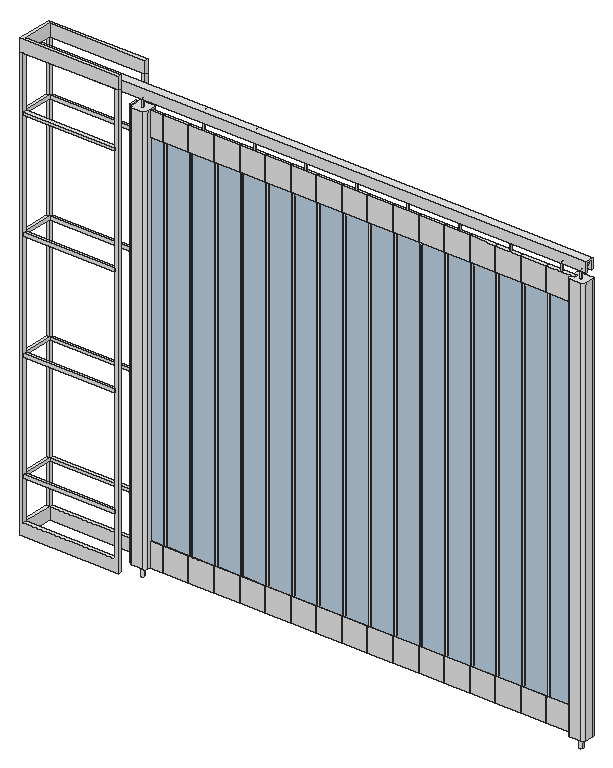
Revit family "Side_Folding_Door_9200-CHI-EZ_Prestige", category Specialty Equipment, Revit 2026
Family settings
  Round Connector Dimension = Use Diameter
  Part Type = Normal
  Classification Number = 23.30.10.21
  Work Plane-Based = No
  Enable Cutting in Views = No
  Always vertical = Yes
  Cut with Voids When Loaded = No
  Maintain Annotation Orientation = No
  Shared = No
  Room Calculation Point = No
Parameters (values of type "EZ - Prestige")
  Warranty URL = ""
  Version = "2021-v1.a"  # constant formula
  URL = "https://www.chiohd.com/"
  Support Phone = "(224) 699-9545"  # constant formula
  Support Email = "mailito:support@bimsmith.com"
  Product Page URL = "Contact Manufacturer for More Information"
  Product Documentation Link = "Contact Manufacturer for More Information"
  Pocket Length Disclaimer [instance] = "Contact Manufacturer for Pocket Dimensions"  # constant formula
  Pocket Frame Vis [instance] = yes
  Opening Width [instance] = if(C Condition A, C First Panel Width + 0' 3" + C Panel Width / 2, if(C Condition B, C Section Width + C Post Width + 0' 3" + C Panel Width / 2, if(C Condition C, 0' 3" + C Panel Width / 2 + C Section Width + C Post Width + C End Panel Width, if(C Condition D, C Section Width * 2 + C Post Width * 2 + 0' 3" + C Panel Width / 2, if(C Condition E, 0' 3" + C Panel Width / 2 + C Section Width * C Real Post Count + C Post Width * C Real Post Count + C End Panel Width, 4' 0")))))  # 6' - 3 7/8"
  C Single Section [instance] = or(C Condition A, C Condition B, C Condition C)  # yes
  C Single Post [instance] = or(C Condition B, C Condition C)  # yes
  C Section Width [instance] = if(Floor, rounddown(10' 0" / C Panel Width) * C Panel Width, rounddown(6' 0" / C Panel Width) * C Panel Width)  # 5' - 8"
  C Real Section Width [instance] = C Prelim Opening Width - 0' 3" - C Panel Width / 2  # 5' - 9 7/8"
  C Real Post Count [instance] = if(C Post Count < 2, 2, C Post Count)  # 2
  C Prelim Opening Width [instance] = if(Desired Opening Width < C Min Width, C Min Width, if(Desired Opening Width > C Max Width, C Max Width, Desired Opening Width))  # 6' - 3"
  Opening Speed [instance] = ""
  Model = "EZ - Prestige"  # constant formula
  Manufacturer Phone Number = "800-738-5006"  # constant formula
  Manufacturer Fax Number = "800-677-2650"  # constant formula
  Manufacturer Email = "mailto:aia@chiohd.com"
  Manufacturer Address = "1485 Sunrise Drive, Arthur, IL 61911"  # constant formula
  Manufacturer = "C.H.I. Overhead Doors"  # constant formula
  Keynote = "08330"
  Glass = Glass - C.H.I Overhead Doors - Frosted
  Frame = Metal - Powder Coat - C.H.I Overhead Doors - White
  Floor = not(Counter)  # no
  Door Size Limits [instance] = "Min Size 6' x 6' │ Max Size 10' x 10'"  # constant formula
  Desired Opening Width [instance] = 6' - 3"
  Desired Opening Height [instance] = 6' - 0"
  Description = "Side-Folding Grille"  # constant formula
  Default Elevation = 0' - 0"
  Counter = yes
  Copyright = "©2024 C.H.I. Overhead Doors - a NUCOR® company All information presented is based on the specifications and features available at the time of printing and is subject to change without notice."  # constant formula
  Closing Speed [instance] = ""
  Opening Height [instance] = if(Desired Opening Height < C Min Height, C Min Height, if(Desired Opening Height > C Max Height, C Max Height, Desired Opening Height))  # 6' - 0"
  Constraints = 1
  C Track Width = 0' - 1 3/8"  # constant formula
  C Track Thickness = 0' - 0 1/8"  # constant formula
  C Track Height = 0' - 1 5/8"  # constant formula
  C Track Extension [instance] = if(Pocket Frame Vis, C Pocket Length - 0' 0 1/2", 0' 0")  # 1' - 3 7/8"
  C Top Gap = 0' - 1 1/2"  # constant formula
  C Post Width [instance] = 0' - 2 3/4"  # constant formula
  C Post Count [instance] = rounddown(C Real Section Width / (C Section Width + C Post Width))  # 0
  C Pocket Width = 0' - 5"  # constant formula
  C Pocket Length Preview [instance] = 0' 3" + 0.1 * Opening Width  # 0' - 10.5875"
  C Pocket Length [instance] = 0' 4 5/8" + (if(C Pocket Length Preview < 0' 11 3/4", 0' 11 3/4", if(C Pocket Length Preview < 1' 4 1/4", 1' 4 1/4", if(C Pocket Length Preview < 1' 8 3/4", 1' 8 3/4", if(C Pocket Length Preview < 2' 1 3/4", 2' 1 3/4", if(C Pocket Length Preview < 2' 7 3/4", 2' 7 3/4", if(C Pocket Length Preview < 3' 0 3/4", 3' 0 3/4", if(C Pocket Length Preview < 3' 3 3/4", 3' 3 3/4", if(C Pocket Length Preview < 3' 6 3/4", 3' 6 3/4", if(C Pocket Length Preview < 4' 0 3/4", 4' 0 3/4", if(C Pocket Length Preview < 4' 3 3/4", 4' 3 3/4", if(C Pocket Length Preview < 4' 6 3/4", 4' 6 3/4", if(C Pocket Length Preview < 4' 10 3/4", 4' 10 3/4", if(C Pocket Length Preview < 5' 0 3/4", 5' 0 3/4", if(C Pocket Length Preview < 5' 4 3/4", 5' 4 3/4", if(C Pocket Length Preview < 5' 8 3/4", 5' 8 3/4", if(C Pocket Length Preview < 6' 0 3/4", 6' 0 3/4", 0' 11 3/4")))))))))))))))))  # 1' - 4 3/8"
  C Panel Width = 0' - 4 1/4"  # constant formula
  C Panel Height [instance] = Opening Height - C Bottom Offset - C Track Height - C Top Gap  # 5' - 8 1/8"
  C Multiple Section [instance] = or(C Condition D, C Condition E)  # no
  C Multiple Post [instance] = or(C Condition D, C Condition E)  # no
  C Min Width = C Panel Width * 3 + 0' 3" + C Panel Width / 2  # 1' - 5 7/8"
  C Min Height = 4' - 0"  # constant formula
  C Max Width = 25' - 0"  # constant formula
  C Max Height = 14' - 0"  # constant formula
  C Half Panel [instance] = C Panel Width / 2  # 0' - 2 1/8"
  C First Panel Width [instance] = if(C Condition A, rounddown((C Prelim Opening Width - 0' 3" - C Panel Width / 2) / C Panel Width) * C Panel Width, rounddown((C Section Width) / C Panel Width) * C Panel Width)  # 5' - 8"
  C End Panel Width Real [instance] = if(C End Panel Width < 0' 0", 0' 0", C End Panel Width)  # 0' - 0"
  C End Panel Width [instance] = if(rounddown((C Real Section Width - C Section Width - C Post Width) / C Panel Width) * C Panel Width = 0' 0", C Panel Width, if(C Multiple Section, rounddown((C Real Section Width - C Section Width * C Real Post Count - C Post Width * C Real Post Count) / C Panel Width) * C Panel Width, rounddown((C Real Section Width - C Section Width - C Post Width) / C Panel Width) * C Panel Width))  # -0' - 4 1/4"
  C End Panel [instance] = or(C Condition C, C Condition E)  # no
  C Condition E [instance] = or(C Real Section Width = C Section Width * 2 + C Post Width * 2 + C Panel Width, C Real Section Width > C Section Width * 2 + C Post Width * 2 + C Panel Width)  # no
  C Condition D [instance] = or(C Real Section Width = C Section Width * 2 + C Post Width * 2, and(C Real Section Width > C Section Width * 2 + C Post Width * 2, C Real Section Width < C Section Width * 2 + C Post Width * 2 + C Panel Width))  # no
  C Condition C [instance] = or(C Real Section Width = C Section Width * 2 + C Post Width, and(C Real Section Width > C Section Width + C Post Width, C Real Section Width < C Section Width * 2 + C Post Width))  # no
  C Condition B [instance] = or(C Real Section Width = C Section Width + C Post Width, and(C Real Section Width > C Section Width, C Real Section Width < C Section Width + C Post Width))  # yes
  C Condition A [instance] = or(C Real Section Width = C Section Width, C Real Section Width < C Section Width)  # no
  C Bottom Offset = if(Floor, 0' 1 1/4", 0' 0 3/4")  # 0' - 0 3/4"
  Assembly Code = "B2030420"
Reference planes (in)
  plane 1 "Center (Front/Back)": y = 0
  plane 2: z = 0
  plane 3 "Center (Left/Right)": x = 0
  plane 4: z = 72
  plane 5: x = 75.875
  plane 6: z = 0.75
  plane 7: z = 70.375
  plane 8: z = 68.875
  plane 9: x = 5.125
  plane 10: x = -15.875
  plane 11: x = 73.125
  plane 12: x = 75.875
  plane 13: x = 143.875
  plane 14: x = 3
Forms (in)
  Sweep 1, solid, material "Metal - Powder Coat - C.H.I Overhead Doors - White" <- "Frame"
    path origin (0, 0, 0) x (1, 0, 0) y (0, 0, 1)
      loop
        line (-15.875, 72) -> (75.875, 72)
    profile origin (30, 0, 72) x (0, 0, 1) y (0, -1, 0)
      loop
        line (0, -0.6875) -> (0, 0.6875) -> (-1.625, 0.6875) -> (-1.625, 0.5625) -> (-0.125, 0.5625) -> (-0.125, -0.5625) -> (-1.625, -0.5625) -> (-1.625, -0.6875) -> (0, -0.6875)
Dimensions and locks (in)
  "Opening Width": plane 3 "Center (Left/Right)" to plane 5
  "Opening Height": plane 4 to level
  "C Bottom Offset": plane 6 to level
  "C Track Height": plane 4 to plane 7
  "C Top Gap": plane 7 to plane 8
  equal spacing: Sweep 1 sketch curve, profile plane, Sweep 1 sketch curve
  "C Track Width": Sweep 1 sketch curve to Sweep 1 sketch curve
  "C Track Thickness": Sweep 1 sketch curve to profile plane
  "C Track Thickness": Sweep 1 sketch curve to Sweep 1 sketch curve  (x2)
  "C Track Extension": plane 10 to plane 3 "Center (Left/Right)"
  "C First Panel Width": plane 11 to plane 9
  "C Post Width": plane 12 to plane 11
  group 1 to group 2 = 5' - 10 3/4"
  group 1 to group 2 = 0' - 0"  (x2)
  "C Section Width": plane 13 to plane 12
  group 3 to group 4 = 5' - 10 3/4"
  group 3 to group 4 = 0' - 0"  (x2)
  locked: plane 14 to plane 3 "Center (Left/Right)" at 3
  "C Half Panel": plane 9 to plane 14
  aligned and locked: plane 2 to level
  aligned and locked: Sweep 1 sketch curve to profile plane
  aligned and locked: Sweep 1 sketch curve to plane 7
  aligned and locked: nested 1 to plane 6
  aligned and locked: plane 1 "Center (Front/Back)" to nested 1
  aligned and locked: plane 3 "Center (Left/Right)" to nested 1
  aligned and locked: plane 5 to Sweep 1 sketch curve
  aligned and locked: plane 3 "Center (Left/Right)" to nested 2
  aligned and locked: plane 10 to Sweep 1 sketch curve
  aligned and locked: plane 8 to nested 3
  aligned and locked: plane 9 to nested 3
  aligned and locked: plane 1 "Center (Front/Back)" to nested 3
  aligned and locked: plane 1 "Center (Front/Back)" to nested 4
  aligned and locked: plane 11 to nested 4
  aligned and locked: nested 4 to plane 8
  aligned and locked: nested 5 to plane 8
  aligned and locked: plane 9 to nested 6
  aligned and locked: plane 12 to nested 7
  aligned and locked: plane 11 to nested 8
  aligned and locked: plane 13 to nested 9
  aligned and locked: plane 5 to nested 5
Automatic sketch dimensions
  Sweep 1 sketch curve to plane 4 = 0' - 0"
  Sweep 1 sketch curve to Sweep 1 sketch curve = 0' - 0"
Nested families (in)
  nested 1: "Nested - End Panel" at (0, 0, 0.75), type "Default"
    with Supports Count 4, Panel Height 5' - 8 1/8", Horizontal Frame Offset 0' - 11 9/16", Extra Panel Width 0' - 2 3/8"
  nested 2: "Nested - Pocket" at (-16.375, 0, 0), visible <- "Pocket Frame Vis", type "Default"
    with T&B Offset 0' - 9", Pocket Length 1' - 4 3/8", Overall Height 6' - 0"
  nested 3: "Nested - Section" at (5.125, 0, 0.75), Desired Complete Section <- "C First Panel Width", visible <- "C Single Section", type "Default"
    with Single Panel B End Rod no, Single D Panel no, Single C Panel no, Single B Panel no, Single A Panel End Rod no, Single A Panel no, Multiple Panel Last Section yes, Multiple B Panel yes, Multiple A Panel yes, First to Last Panel 5' - 3 3/4", End Panel Supports yes, End Panel Bottom no, Desired Complete Section 5' - 8", Complete Section 5' - 8", B Array Real 7, B Array 8, A Array Real 8, A Array 8
  nested 4: "Nested - Post" at (72.875, 0, 0.75), visible <- "C Single Post", type "Default"
  nested 5: "Nested - Section" at (75.875, 0, 0.75), visible <- "C End Panel", Desired Complete Section <- "C End Panel Width", type "Default"
    with Single Panel B End Rod no, Single D Panel no, Single C Panel no, Single B Panel no, Single A Panel End Rod yes, Single A Panel yes, Multiple Panel Last Section no, Multiple B Panel no, Multiple A Panel no, First to Last Panel 1' - 5", End Panel Supports no, End Panel Bottom yes, Desired Complete Section -0' - 4 1/4", Complete Section 0' - 0", B Array Real 2, B Array 2, A Array Real 2, A Array 2
  nested 6: "Nested - Section" at (5.125, 0, 0.75), Desired Complete Section <- "C Section Width", visible <- "C Multiple Section", type "Default"
    with Single Panel B End Rod no, Single D Panel no, Single C Panel no, Single B Panel no, Single A Panel End Rod no, Single A Panel no, Multiple Panel Last Section yes, Multiple B Panel yes, Multiple A Panel yes, First to Last Panel 5' - 3 3/4", End Panel Supports yes, End Panel Bottom no, Desired Complete Section 5' - 8", Complete Section 5' - 8", B Array Real 7, B Array 8, A Array Real 8, A Array 8
  nested 7: "Nested - Section" at (75.875, 0, 0.75), Desired Complete Section <- "C Section Width", visible <- "C Multiple Section", type "Default"
    with Single Panel B End Rod no, Single D Panel no, Single C Panel no, Single B Panel no, Single A Panel End Rod no, Single A Panel no, Multiple Panel Last Section yes, Multiple B Panel yes, Multiple A Panel yes, First to Last Panel 5' - 3 3/4", End Panel Supports yes, End Panel Bottom no, Desired Complete Section 5' - 8", Complete Section 5' - 8", B Array Real 7, B Array 8, A Array Real 8, A Array 8
  nested 8: "Nested - Post" at (72.875, 0, 0.75), visible <- "C Multiple Post", type "Default"
  nested 9: "Nested - Post" at (143.625, 0, 0.75), visible <- "C Multiple Post", type "Default"
Definition of nested family "Nested - End Panel"
  Parameters (values of type "Family1")
    Top Gap = 0' - 1 1/2"
    Supports Separation = 1' - 3"  # constant formula
    Supports Count = (Panel Height - 0' 4") / Supports Separation  # 3
    Side Frame Thickness = 0' - 0 1/2"  # constant formula
    Panel Frame Height = 0' - 4"  # constant formula
    Main Frame Thickness = 0' - 2 5/16"  # constant formula
    Panel Width = 0' - 7"  # constant formula
    Panel Height = 4' - 8 1/8"
    Horizontal Frame Offset = (Panel Height - (Supports Separation * (Supports Count - 1))) / 2  # 1' - 1 1/16"
    Glass Thickness = 0' - 0 1/4"  # constant formula
    Glass = none
    Frame = none
    Floor = not(Counter)  # no
    Extra Panel Width = 0' - 2 1/8"
    Default Elevation = 0' - 0"
    Counter = yes
    Bottom Support Width = if(Floor, 0' 0 3/4", 0' 0 5/8")  # 0' - 0 5/8"
    Bottom Support Height = if(Floor, 0' 2 5/8", 0' 1")  # 0' - 1"
    Bottom Gap = 0' - 0 3/4"
  Reference planes (in)
    plane 1 "Center (Front/Back)": y = 0
    plane 2: z = 0
    plane 3 "Center (Left/Right)": x = 0
    plane 4: z = 56.125
    plane 5: x = 0.25
    plane 6: y = 1.15625
    plane 7: y = -1.15625
    plane 8: x = 3
    plane 9: x = 5.125
    plane 10: x = 4.625
    plane 11: z = 13.0625
    plane 12: y = 0.25
    plane 13: y = -0.25
    plane 14: y = 0.125
    plane 15: y = -0.125
    plane 16: z = 57.625
    plane 17: z = -0.75
    plane 18: z = -1.75
    plane 19: z = 59.125
    plane 20: z = 58.375
    plane 21: x = 1.625
    plane 22: x = 1.3125
    plane 23: x = 1.9375
    plane 24: z = 4
    plane 25: z = 52.125
    plane 26: z = 28.0625
    plane 27: x = 4.875
  Forms (in)
    Extrusion 1, solid, material <- "Frame"
      sketch origin (0, 0, 0) x (1, 0, 0) y (0, 1, 0)
        loop
          line (0.25, 0.67704) -> (0, 0.67704) -> (0, -0.67704) -> (0.25, -0.67704) -> (0.25, 0.67704)
      from 0 to 56.125
    Extrusion 2, solid, material <- "Frame"
      sketch origin (0, 0, 0) x (1, 0, 0) y (0, 1, 0)
        loop
          arc (0.73462, 1.15625) -> (0.39194, 1.01431) -> (0.25, 0.67163) r 0.48462
          line (0.25, 0.67163) -> (0.25, -0.67188)
          arc (0.25, -0.67188) -> (0.39187, -1.01438) -> (0.73438, -1.15625) r 0.48438
          line (0.73438, -1.15625) -> (2.51563, -1.15625)
          arc (2.51563, -1.15625) -> (2.85813, -1.01438) -> (3, -0.67188) r 0.48438
          line (3, -0.67188) -> (3, 0.67187)
          arc (3, 0.67187) -> (2.85813, 1.01438) -> (2.51563, 1.15625) r 0.48438
          line (2.51563, 1.15625) -> (0.73462, 1.15625)
      from 0 to 56.125
    Revolve 3, solid, material <- "Frame"
      sketch origin (-1.875, 0, 0) x (1, 0, 0) y (0, 0, 1)
        loop
          line (3.5, 59.12277) -> (3.5, 56.125) -> (3.625, 56.125) -> (3.625, 59.12277) -> (3.5, 59.12277)
        axis (3.5, 59.12277) -> (3.5, 56.125)
      angle from 0 to 360
    Extrusion 4, solid, material <- "Frame"
      sketch origin (-1.875, 0, 0) x (1, 0, 0) y (0, 0, 1)
        loop
          circle (3.5, 58.375) r 0.75
      from 0.5625 to 0.25
    Extrusion 5, solid, material <- "Frame"
      sketch origin (-1.875, 0, 0) x (1, 0, 0) y (0, 0, -1)
        loop
          circle (3.5, -58.375) r 0.75
      from 0.5625 to 0.25
    Extrusion 6, solid, material <- "Frame"
      sketch origin (-1.875, 0, 0) x (1, 0, 0) y (0, 0, 1)
        loop
          circle (3.5, 58.375) r 0.44182
      from -0.25 to 0.25
    Revolve 7, solid, material <- "Frame"
      sketch origin (-1.875, 0, 0) x (1, 0, 0) y (0, 0, 1)
        loop
          line (3.5, 0) -> (3.5, -1.75) -> (3.8125, -1.75) -> (3.8125, -0.75) -> (3.65321, -0.75) -> (3.65321, 0) -> (3.5, 0)
        axis (3.5, 0) -> (3.5, -1.75)
      angle from 0 to 360
    Extrusion 8, solid, material <- "Frame"
      sketch origin (0, 0, 0) x (0, 1, 0) y (0, 0, 1)
        loop
          line (0.25, 56.125) -> (-0.25, 56.125) -> (-0.25, 52.125) -> (0.25, 52.125) -> (0.25, 56.125)
        loop
          line (-0.25, 0) -> (0.25, 0) -> (0.25, 4) -> (-0.25, 4) -> (-0.25, 0)
      from 3 to 4.875
    Extrusion 9, solid, material <- "Glass"
      sketch origin (0, 0, 0) x (1, 0, 0) y (0, 1, 0)
        loop
          arc (4.96988, -0.125) -> (4.92578, 0) -> (4.96988, 0.125) r 0.19922
          line (4.96988, 0.125) -> (3, 0.125) -> (3, -0.125) -> (4.96988, -0.125)
      from 4 to 52.125
  Dimensions and locks (in)
    "Panel Height": plane 4 to level
    equal spacing: plane 6, plane 1 "Center (Front/Back)", plane 7
    "Main Frame Thickness": plane 6 to plane 7
    "Extra Panel Width": plane 8 to plane 9
    "Side Frame Thickness": plane 10 to plane 9
    "Horizontal Frame Offset": plane 11 to level
    equal spacing: plane 12, plane 1 "Center (Front/Back)", plane 13
    "Side Frame Thickness": plane 13 to plane 12
    equal spacing: plane 15, plane 1 "Center (Front/Back)", plane 14
    "Glass Thickness": plane 15 to plane 14
    "Bottom Gap": level to plane 17
    "Top Gap": plane 16 to plane 4
    "Bottom Support Height": plane 17 to plane 18
    locked: plane 19 to plane 16 at 1.5
    equal spacing: plane 19, plane 20, plane 16
    equal spacing: plane 8, plane 21, plane 5
    plane 23 to plane 22 = 0' - 0 5/8"  (x2)
    "Bottom Support Width": plane 23 to plane 22
    equal spacing: plane 23, plane 21, plane 22
    "Panel Frame Height": plane 24 to level
    "Panel Frame Height": plane 4 to plane 25
    "Supports Separation": plane 26 to plane 11
    equal spacing: plane 9, plane 27, plane 10
    aligned and locked: plane 2 to level
    aligned and locked: Extrusion 2 sketch curve to plane 6
    aligned and locked: plane 5 to Extrusion 2 sketch curve
    aligned and locked: plane 7 to Extrusion 2 sketch curve
    aligned and locked: Extrusion 2 sketch curve to plane 8
    aligned and locked: plane 4 to Extrusion 2
    aligned and locked: Extrusion 2 to level
    aligned and locked: plane 4 to Extrusion 1
    aligned and locked: Revolve 3 sketch curve to plane 21
    aligned and locked: plane 20 to Extrusion 6 sketch curve
    aligned and locked: plane 21 to Extrusion 6 sketch curve
    aligned and locked: plane 20 to Extrusion 4 sketch curve
    aligned and locked: plane 21 to Extrusion 4 sketch curve
    aligned and locked: plane 20 to Extrusion 5 sketch curve
    aligned and locked: plane 21 to Extrusion 5 sketch curve
    aligned and locked: plane 23 to Revolve 7 sketch curve
    aligned and locked: Revolve 7 sketch curve to plane 21
    aligned and locked: plane 2 to Revolve 7 sketch curve
    aligned and locked: plane 18 to Revolve 7 sketch curve
    aligned and locked: Revolve 7 sketch curve to plane 17
    aligned and locked: plane 4 to Extrusion 8 sketch curve
    aligned and locked: Extrusion 8 sketch curve to plane 12  (x2)
    aligned and locked: Extrusion 8 sketch curve to plane 25
    aligned and locked: Extrusion 8 sketch curve to plane 13  (x2)
    aligned and locked: Extrusion 8 sketch curve to level
    aligned and locked: Extrusion 8 sketch curve to plane 24
    aligned and locked: Extrusion 8 to plane 8
    aligned and locked: plane 27 to Extrusion 8
    aligned and locked: Extrusion 9 sketch curve to plane 15
    aligned and locked: Extrusion 9 sketch curve to plane 14
    aligned and locked: Extrusion 9 sketch curve to plane 8
    aligned and locked: plane 9 to Extrusion 9 sketch curve
    aligned and locked: plane 24 to Extrusion 9
    aligned and locked: plane 25 to Extrusion 9
  Automatic sketch dimensions
    Extrusion 1 sketch curve to plane 3 "Center (Left/Right)" = 0' - 0"
    Extrusion 1 sketch curve to plane 5 = 0' - 0"
    Extrusion 1 sketch curve to plane 6 = 0' - 0.47921"
    plane 7 to Extrusion 1 sketch curve = 0' - 0.47921"
    plane 5 to Extrusion 2 sketch curve = 0' - 0 31/64"
    Extrusion 2 sketch curve to Extrusion 2 sketch curve = 0' - 0.48462"
    Extrusion 2 sketch curve to plane 8 = 0' - 0 31/64"  (x2)
    Revolve 3 sketch curve to plane 21 = 0' - 0"
    Revolve 3 sketch curve to plane 4 = 0' - 0"
    plane 19 to Revolve 3 sketch curve = 0' - 0.00223"
    plane 21 to Revolve 3 sketch curve = 0' - 0 1/8"
    Revolve 3 sketch curve to plane 4 = 0' - 1.33257"
    Revolve 3 sketch curve to plane 19 = 0' - 0.11711"
    plane 1 "Center (Front/Back)" to Extrusion 9 sketch curve = 0' - 0"
    plane 27 to Extrusion 9 sketch curve = 0' - 0.09488"
    Revolve 7 sketch curve to plane 21 = 0' - 0"
    plane 21 to Revolve 7 sketch curve = 0' - 0.15321"
    Revolve 7 sketch curve to plane 18 = 0' - 3.32416"
    level to Revolve 7 sketch curve = 0' - 0.85112"
    radius of Extrusion 4 sketch curve = 0' - 0 3/4"
    radius of Extrusion 5 sketch curve = 0' - 0 3/4"
    radius of Extrusion 6 sketch curve = 0' - 0.44182"
Definition of nested family "Nested - Pocket"
  Parameters (values of type "Family2")
    T&B Offset = (Overall Height / 4) / 2  # 0' - 7 1/2"
    Side Thickness = 0' - 4"  # constant formula
    Pocket Width = 0' - 5"
    Pocket Length = 0' - 11 3/4"
    Plywood Thickness = 0' - 0 1/2"  # constant formula
    Plywood = none
    Overall Height = 5' - 0"
    Mid Profile Thickness = 0' - 0 1/4"  # constant formula
    Gypsum Thickness = 0' - 0 5/8"  # constant formula
    Gypsum = none
    Default Elevation = 0' - 0"
    Bottom Profile Height = 0' - 2"  # constant formula
  Reference planes (in)
    plane 1 "Center (Front/Back)": y = 0
    plane 2: z = 0
    plane 3 "Center (Left/Right)": x = 0
    plane 4: y = -2.5
    plane 5: y = 2.5
    plane 6: y = 3
    plane 7: y = -3
    plane 8: x = 0.5
    plane 9: x = 11.75
    plane 10: x = 11.125
    plane 11: z = 60
    plane 12: z = 7.5
    plane 13: z = 52.5
    plane 14: z = 22.5
    plane 15: z = 37.5
    plane 16: z = 52.25
    plane 17: z = 52.75
    plane 18: z = 37.75
    plane 19: z = 37.25
    plane 20: z = 22.75
    plane 21: z = 22.25
    plane 22: z = 7.75
    plane 23: z = 7.25
    plane 24: z = 2
    plane 25: z = 62
  Forms (in)
    Extrusion 1, solid, material <- "Plywood"
      sketch origin (0, 0, 0) x (1, 0, 0) y (0, 1, 0)
        loop
          line (0.5, 2.5) -> (0.5, 3) -> (0, 3) -> (0, 2.5) -> (0.5, 2.5)
        loop
          line (0.5, -3) -> (0.5, -2.5) -> (0, -2.5) -> (0, -3) -> (0.5, -3)
        loop
          line (11.75, 3) -> (11.125, 3) -> (11.125, 2.5) -> (11.75, 2.5) -> (11.75, 3)
        loop
          line (11.75, -3) -> (11.75, -2.5) -> (11.125, -2.5) -> (11.125, -3) -> (11.75, -3)
      from 0 to 60
    Extrusion 2, solid, material <- "Plywood"
      sketch origin (0, 0, 0) x (1, 0, 0) y (0, 0, 1)
        loop
          line (0.5, 7.75) -> (0, 7.75) -> (0, 7.25) -> (0.5, 7.25) -> (0.5, 7.75)
        loop
          line (0.5, 22.25) -> (0.5, 22.75) -> (0, 22.75) -> (0, 22.25) -> (0.5, 22.25)
        loop
          line (0.5, 37.25) -> (0.5, 37.75) -> (0, 37.75) -> (0, 37.25) -> (0.5, 37.25)
        loop
          line (0.5, 52.25) -> (0.5, 52.75) -> (0, 52.75) -> (0, 52.25) -> (0.5, 52.25)
      from -2.5 to 2.5
    Extrusion 3, solid, material <- "Plywood"
      sketch origin (0, 0, 0) x (0, 1, 0) y (0, 0, 1)
        loop
          line (2.5, 52.75) -> (2.5, 52.25) -> (3, 52.25) -> (3, 52.75) -> (2.5, 52.75)
        loop
          line (-3, 52.25) -> (-2.5, 52.25) -> (-2.5, 52.75) -> (-3, 52.75) -> (-3, 52.25)
        loop
          line (2.5, 37.25) -> (3, 37.25) -> (3, 37.75) -> (2.5, 37.75) -> (2.5, 37.25)
        loop
          line (-3, 37.25) -> (-2.5, 37.25) -> (-2.5, 37.75) -> (-3, 37.75) -> (-3, 37.25)
        loop
          line (-3, 22.25) -> (-2.5, 22.25) -> (-2.5, 22.75) -> (-3, 22.75) -> (-3, 22.25)
        loop
          line (2.5, 22.25) -> (3, 22.25) -> (3, 22.75) -> (2.5, 22.75) -> (2.5, 22.25)
        loop
          line (-3, 7.25) -> (-2.5, 7.25) -> (-2.5, 7.75) -> (-3, 7.75) -> (-3, 7.25)
        loop
          line (2.5, 7.25) -> (3, 7.25) -> (3, 7.75) -> (2.5, 7.75) -> (2.5, 7.25)
      from 0.5 to 11.125
    Extrusion 4, solid, material <- "Plywood"
      sketch origin (0, 0, 0) x (1, 0, 0) y (0, 1, 0)
        loop
          line (0, 3) -> (0, -3) -> (11.75, -3) -> (11.75, -2.5) -> (0.5, -2.5) -> (0.5, 2.5) -> (11.75, 2.5) -> (11.75, 3) -> (0, 3)
      from 0 to 2
    Extrusion 5, solid, material <- "Plywood"
      sketch origin (0, 0, 0) x (1, 0, 0) y (0, 1, 0)
        loop
          line (0, 3) -> (0, -3) -> (11.75, -3) -> (11.75, -2.5) -> (0.5, -2.5) -> (0.5, 2.5) -> (11.75, 2.5) -> (11.75, 3) -> (0, 3)
      from 60 to 62
  Cuts and joins
    joined: Extrusion 1, Extrusion 4
  Dimensions and locks (in)
    equal spacing: plane 5, plane 1 "Center (Front/Back)", plane 4
    "Pocket Width": plane 5 to plane 4
    "Plywood Thickness": plane 6 to plane 5
    "Plywood Thickness": plane 4 to plane 7
    "Pocket Length": plane 3 "Center (Left/Right)" to plane 9
    "Gypsum Thickness": plane 10 to plane 9
    "Overall Height": plane 11 to plane 2
    "Plywood Thickness": plane 3 "Center (Left/Right)" to plane 8
    "T&B Offset": plane 12 to level
    "T&B Offset": plane 11 to plane 13
    equal spacing: plane 13, plane 15, plane 14, plane 12
    "Mid Profile Thickness": plane 17 to plane 13
    "Mid Profile Thickness": plane 13 to plane 16
    "Mid Profile Thickness": plane 18 to plane 15
    "Mid Profile Thickness": plane 15 to plane 19
    "Mid Profile Thickness": plane 20 to plane 14
    "Mid Profile Thickness": plane 14 to plane 21
    "Mid Profile Thickness": plane 22 to plane 12
    "Mid Profile Thickness": plane 12 to plane 23
    "Bottom Profile Height": plane 24 to level
    "Bottom Profile Height": plane 25 to plane 11
    plane 3 "Center (Left/Right)" to Extrusion 4 = 0' - 11 3/4"
    aligned and locked: plane 2 to level
    aligned and locked: plane 5 to Extrusion 1 sketch curve
    aligned and locked: Extrusion 1 sketch curve to plane 8  (x2)
    aligned and locked: Extrusion 1 sketch curve to plane 6
    aligned and locked: plane 3 "Center (Left/Right)" to Extrusion 1 sketch curve  (x2)
    aligned and locked: plane 7 to Extrusion 1 sketch curve  (x2)
    aligned and locked: Extrusion 1 sketch curve to plane 4  (x2)
    aligned and locked: plane 6 to Extrusion 1 sketch curve
    aligned and locked: plane 9 to Extrusion 1 sketch curve
    aligned and locked: Extrusion 1 sketch curve to plane 5
    aligned and locked: Extrusion 1 sketch curve to plane 10
    aligned and locked: Extrusion 1 sketch curve to plane 9
    aligned and locked: plane 10 to Extrusion 1 sketch curve
    aligned and locked: plane 22 to Extrusion 2 sketch curve
    aligned and locked: plane 8 to Extrusion 2 sketch curve
    aligned and locked: Extrusion 2 sketch curve to plane 23
    aligned and locked: Extrusion 2 sketch curve to plane 3 "Center (Left/Right)"
    aligned and locked: plane 21 to Extrusion 2 sketch curve
    aligned and locked: Extrusion 2 sketch curve to plane 8  (x3)
    aligned and locked: Extrusion 2 sketch curve to plane 20
    aligned and locked: plane 3 "Center (Left/Right)" to Extrusion 2 sketch curve  (x3)
    aligned and locked: plane 19 to Extrusion 2 sketch curve
    aligned and locked: Extrusion 2 sketch curve to plane 18
    aligned and locked: Extrusion 2 sketch curve to plane 16
    aligned and locked: Extrusion 2 sketch curve to plane 17
    aligned and locked: plane 5 to Extrusion 2
    aligned and locked: Extrusion 2 to plane 4
    aligned and locked: Extrusion 3 sketch curve to Extrusion 2  (x8)
    aligned and locked: Extrusion 2 to Extrusion 3 sketch curve  (x8)
    aligned and locked: Extrusion 3 sketch curve to plane 16
    aligned and locked: Extrusion 3 sketch curve to plane 6
    aligned and locked: plane 16 to Extrusion 3 sketch curve
    aligned and locked: Extrusion 3 sketch curve to plane 7  (x4)
    aligned and locked: plane 18 to Extrusion 3 sketch curve
    aligned and locked: plane 6 to Extrusion 3 sketch curve  (x3)
    aligned and locked: Extrusion 3 sketch curve to plane 19
    aligned and locked: Extrusion 3 sketch curve to plane 21
    aligned and locked: plane 20 to Extrusion 3 sketch curve
    aligned and locked: Extrusion 3 sketch curve to plane 23
    aligned and locked: plane 22 to Extrusion 3 sketch curve
    aligned and locked: Extrusion 3 to plane 8
    aligned and locked: plane 10 to Extrusion 3
    aligned and locked: plane 3 "Center (Left/Right)" to Extrusion 4 sketch curve
    aligned and locked: Extrusion 4 sketch curve to plane 8
    aligned and locked: plane 5 to Extrusion 4 sketch curve
    aligned and locked: Extrusion 4 sketch curve to plane 6
    aligned and locked: Extrusion 4 sketch curve to plane 4
    aligned and locked: plane 7 to Extrusion 4 sketch curve
    aligned and locked: Extrusion 4 sketch curve to plane 9  (x2)
    aligned and locked: Extrusion 4 to level
    aligned and locked: plane 24 to Extrusion 4
    aligned and locked: plane 25 to Extrusion 5
    aligned and locked: Extrusion 5 to Extrusion 1
    aligned and locked: Extrusion 5 to plane 11
  Automatic sketch dimensions
    Extrusion 2 sketch curve to plane 8 = 0' - 0"
    Extrusion 2 sketch curve to plane 3 "Center (Left/Right)" = 0' - 0"
    Extrusion 2 sketch curve to plane 17 = 0' - 0"
    Extrusion 5 sketch curve to plane 3 "Center (Left/Right)" = 0' - 0"
    Extrusion 5 sketch curve to plane 5 = 0' - 0"
    Extrusion 5 sketch curve to plane 8 = 0' - 0"
    Extrusion 5 sketch curve to plane 9 = 0' - 0"  (x2)
    Extrusion 5 sketch curve to plane 4 = 0' - 0"
    Extrusion 5 sketch curve to plane 7 = 0' - 0"
    Extrusion 5 sketch curve to plane 6 = 0' - 0"
Definition of nested family "Nested - Section"
  Parameters (values of type "Default")
    Top Gap = 0' - 1 1/2"
    Single Panel B End Rod [instance] = if(or(and(Complete Section > 2 * Panel Width, Complete Section < 3 * Panel Width), Complete Section = 2 * Panel Width), 1 = 1, 1 = 0)  # no
    Single D Panel [instance] = and(Complete Section > 3 * Panel Width, Complete Section < 5 * Panel Width)  # no
    Single C Panel [instance] = and(Complete Section > 2 * Panel Width, Complete Section < 4 * Panel Width)  # no
    Single B Panel [instance] = or(Complete Section = 2 * Panel Width, and(Complete Section > 2 * Panel Width, or(Complete Section = 4 * Panel Width, Complete Section < 4 * Panel Width)))  # no
    Single A Panel End Rod [instance] = if(or(and(not(Multiple A Panel), not(Multiple B Panel), not(Single B Panel)), and(Complete Section > Panel Width, Complete Section < 2 * Panel Width), Complete Section = Panel Width), 1 = 1, 1 = 0)  # yes
    Single A Panel [instance] = or(and(Complete Section > 3 * Panel Width, Complete Section < 4 * Panel Width), Complete Section < Panel Width, Complete Section = Panel Width, and(Complete Section > Panel Width, Complete Section < 3.1 * Panel Width))  # yes
    Panel Width = 0' - 4 1/4"
    Panel Height = 5' - 8 1/8"
    Multiple Panel Last Section [instance] = and(not(or(Single C Panel, Single D Panel)), or(Complete Section = 4 * Panel Width, Complete Section > 4 * Panel Width))  # no
    Multiple B Panel [instance] = or(Complete Section = 5 * Panel Width, Complete Section > 5 * Panel Width)  # no
    Multiple A Panel [instance] = or(Complete Section = 4 * Panel Width, Complete Section > 4 * Panel Width)  # no
    Glass = none
    Frame = none
    First to Last Panel [instance] = A Array Real * Panel Width + B Array Real * Panel Width  # 1' - 5"
    End Panel Supports [instance] = not(End Panel Bottom)  # no
    End Panel Bottom [instance] = if(Single B Panel, 1 = 0, if(A Array Real > B Array Real, 1 = 0, 1 = 1))  # yes
    Desired Complete Section [instance] = 0' - 0"
    Default Elevation = 0' - 0"
    Counter = yes
    Complete Section [instance] = if(Desired Complete Section < 0' 0", 0' 0", Desired Complete Section)  # 0' - 0"
    Bottom Gap = 0' - 0 3/4"
    B Array Real [instance] = if(A Array - 1 < 2, 2, if(A Array Real = B Array, A Array - 1, A Array Real))  # 2
    B Array [instance] = if(Complete Section < Panel Width * 4, 2, rounddown((Complete Section - Panel Width * A Array) / Panel Width))  # 2
    A Array Real [instance] = if(A Array - 1 < 2, 2, if(A Array = B Array, A Array, A Array - 1))  # 2
    A Array [instance] = if(Complete Section < Panel Width * 3, 2, ((Complete Section / 2) / Panel Width))  # 2
  Reference planes (in)
    plane 1 "Center (Front/Back)": y = 0
    plane 2: z = 0
    plane 3 "Center (Left/Right)": x = 0
    plane 4: x = 4.25
    plane 5: x = 0
    plane 6: x = 8.5
    plane 7: x = 12.75
    plane 8: x = 17
    plane 9: x = 17
  Dimensions and locks (in)
    "Panel Width": plane 4 to plane 3 "Center (Left/Right)"
    "Complete Section": plane 5 to plane 3 "Center (Left/Right)"
    "Panel Width": plane 4 to plane 6
    "Panel Width": plane 6 to plane 7
    "Panel Width": plane 7 to plane 8
    group 1 to group 2 = 0' - 8 1/2"
    group 1 to group 2 = 0' - 0"  (x2)
    group 3 to group 4 = 0' - 8 1/2"
    group 3 to group 4 = 0' - 0"  (x2)
    "First to Last Panel": plane 9 to plane 3 "Center (Left/Right)"
    aligned and locked: plane 2 to level
    aligned and locked: plane 1 "Center (Front/Back)" to nested 1
    aligned and locked: plane 1 "Center (Front/Back)" to nested 2
    aligned and locked: plane 1 "Center (Front/Back)" to nested 4
    aligned and locked: plane 3 "Center (Left/Right)" to nested 2
    aligned and locked: plane 3 "Center (Left/Right)" to nested 1
    aligned and locked: plane 4 to nested 4
    aligned and locked: plane 4 to nested 3
    aligned and locked: plane 6 to nested 8
    aligned and locked: plane 6 to nested 5
    aligned and locked: plane 7 to nested 6
    aligned and locked: plane 7 to nested 9
    aligned and locked: plane 9 to nested 7
  Nested families (in)
    nested 1: "Nested - Panel" at (0, 0, 0), visible <- "Multiple A Panel", type "Nested - Panel"
      with Supports no, Panel Frame Offset 0' - 0 1/2", End Rod no, Bottom yes, Supports Count 4, Panel Height 5' - 8 1/8", Horizontal Frame Offset 0' - 11 9/16"
    nested 2: "Nested - Panel" at (0, 0, 0), visible <- "Single A Panel", End Rod <- "Single A Panel End Rod", type "Nested - Panel"
      with Supports no, Panel Frame Offset 0' - 0", End Rod yes, Bottom yes, Supports Count 4, Panel Height 5' - 8 1/8", Horizontal Frame Offset 0' - 11 9/16"
    nested 3: "Nested - Panel" at (4.25, 0, 0), visible <- "Multiple B Panel", type "Nested - Panel"
      with Supports yes, Panel Frame Offset 0' - 0 1/2", End Rod no, Bottom no, Supports Count 4, Panel Height 5' - 8 1/8", Horizontal Frame Offset 0' - 11 9/16"
    nested 4: "Nested - Panel" at (4.25, 0, 0), visible <- "Single B Panel", End Rod <- "Single Panel B End Rod", type "Nested - Panel"
      with Supports yes, Panel Frame Offset 0' - 0 1/2", End Rod no, Bottom no, Supports Count 4, Panel Height 5' - 8 1/8", Horizontal Frame Offset 0' - 11 9/16"
    nested 5: "Nested - Panel" at (8.5, 0, 0), visible <- "Multiple A Panel", type "Nested - Panel"
      with Supports no, Panel Frame Offset 0' - 0 1/2", End Rod no, Bottom yes, Supports Count 4, Panel Height 5' - 8 1/8", Horizontal Frame Offset 0' - 11 9/16"
    nested 6: "Nested - Panel" at (12.75, 0, 0), visible <- "Multiple B Panel", type "Nested - Panel"
      with Supports yes, Panel Frame Offset 0' - 0 1/2", End Rod no, Bottom no, Supports Count 4, Panel Height 5' - 8 1/8", Horizontal Frame Offset 0' - 11 9/16"
    nested 7: "Nested - Panel" at (17, 0, 0), visible <- "Multiple Panel Last Section", Supports <- "End Panel Supports", Bottom <- "End Panel Bottom", type "Nested - Panel"
      with Supports no, Panel Frame Offset 0' - 0", End Rod yes, Bottom yes, Supports Count 4, Panel Height 5' - 8 1/8", Horizontal Frame Offset 0' - 11 9/16"
    nested 8: "Nested - Panel" at (8.5, 0, 0), visible <- "Single C Panel", type "Nested - Panel"
      with Supports no, Panel Frame Offset 0' - 0", End Rod yes, Bottom yes, Supports Count 4, Panel Height 5' - 8 1/8", Horizontal Frame Offset 0' - 11 9/16"
    nested 9: "Nested - Panel" at (12.75, 0, 0), visible <- "Single D Panel", type "Nested - Panel"
      with Supports yes, Panel Frame Offset 0' - 0", End Rod yes, Bottom yes, Supports Count 4, Panel Height 5' - 8 1/8", Horizontal Frame Offset 0' - 11 9/16"
  Definition of nested family "Nested - Panel"
    Parameters (values of type "Nested - Panel")
      Top Gap = 0' - 1 1/2"
      Supports Separation = 1' - 3"  # constant formula
      Supports Count = (Panel Height - 0' 4") / Supports Separation  # 3
      Supports [instance] = yes
      Side Profile Tubes = 0' - 0 51/128"  # constant formula
      Side Frame Thickness = 0' - 0 1/2"  # constant formula
      Panel Width = 0' - 4 1/4"
      Panel Height = 4' - 8 1/8"
      Panel Frame Offset [instance] = if(End Rod, 0' 0", Side Frame Thickness)  # 0' - 0"
      Panel Frame Height = 0' - 4"  # constant formula
      Horizontal Frame Offset = (Panel Height - (Supports Separation * (Supports Count - 1))) / 2  # 1' - 1 1/16"
      Glass Thickness = 0' - 0 1/4"  # constant formula
      Glass = none
      Frame = none
      Floor = not(Counter)  # no
      End Rod [instance] = yes
      Default Elevation = 0' - 0"
      Counter = yes
      Bottom Support Width = if(Floor, 0' 0 3/4", 0' 0 5/8")  # 0' - 0 5/8"
      Bottom Support Height = if(Floor, 0' 2 5/8", 0' 1")  # 0' - 1"
      Bottom Gap = 0' - 0 3/4"
      Bottom [instance] = yes
    Reference planes (in)
      plane 1 "Center (Front/Back)": y = 0
      plane 2: z = 0
      plane 3 "Center (Left/Right)": x = 0
      plane 4: x = 4.75
      plane 5: z = 56.125
      plane 6: x = 0.5
      plane 7: x = 4.25
      plane 8: y = 0.25
      plane 9: y = -0.25
      plane 10: y = 0.125
      plane 11: y = -0.125
      plane 12: z = 13.0625
      plane 13: z = -0.75
      plane 14: z = -1.75
      plane 15: x = 2.375
      plane 16: z = 57.625
      plane 17: z = 59.125
      plane 18: z = 58.375
      plane 19: x = 2.0625
      plane 20: x = 2.6875
      plane 21: x = 0.25
      plane 22: x = 4.5
      plane 23: z = 28.0625
      plane 24: z = 4
      plane 25: z = 52.125
      plane 26: x = 4.75
    Forms (in)
      Extrusion 1, solid, material <- "Frame"
        sketch origin (0, 0, 0) x (1, 0, 0) y (0, 1, 0)
          loop
            circle (0.25, 0) r 0.19922
        from 4 to 52.125
      Revolve 2, solid, material <- "Frame", not visible
        sketch origin (0, 0, 0) x (1, 0, 0) y (0, 0, 1)
          loop
            line (2.375, 0) -> (2.375, -1.75) -> (2.6875, -1.75) -> (2.6875, -0.75) -> (2.52821, -0.75) -> (2.52821, 0) -> (2.375, 0)
          axis (2.375, 0) -> (2.375, -1.75)
        angle from 0 to 360
      Revolve 3, solid, material <- "Frame", visible <- "Supports"
        sketch origin (0, 0, 0) x (1, 0, 0) y (0, 0, 1)
          loop
            line (2.375, 59.125) -> (2.375, 56.125) -> (2.5, 56.125) -> (2.5, 59.125) -> (2.375, 59.125)
          axis (2.375, 59.125) -> (2.375, 56.125)
        angle from 0 to 360
      Extrusion 4, solid, material <- "Frame", visible <- "Supports"
        sketch origin (0, 0, 0) x (1, 0, 0) y (0, 0, 1)
          loop
            circle (2.375, 58.375) r 0.75
        from 0.5625 to 0.25
      Extrusion 5, solid, material <- "Frame", visible <- "Supports"
        sketch origin (0, 0, 0) x (1, 0, 0) y (0, 0, -1)
          loop
            circle (2.375, -58.375) r 0.75
        from 0.5625 to 0.25
      Extrusion 6, solid, material <- "Frame", visible <- "Supports"
        sketch origin (0, 0, 0) x (1, 0, 0) y (0, 0, 1)
          loop
            circle (2.375, 58.375) r 0.44182
        from -0.25 to 0.25
      Extrusion 7, solid, material <- "Frame", visible <- "End Rod"
        sketch origin (0, 0, 0) x (1, 0, 0) y (0, 1, 0)
          loop
            circle (4.5, 0) r 0.19922
        from 4 to 52.125
      Extrusion 8, solid, material <- "Frame"
        sketch origin (0, 0, 0) x (0, 1, 0) y (0, 0, 1)
          loop
            line (0.25, 56.125) -> (-0.25, 56.125) -> (-0.25, 52.125) -> (0.25, 52.125) -> (0.25, 56.125)
          loop
            line (-0.25, 0) -> (0.25, 0) -> (0.25, 4) -> (-0.25, 4) -> (-0.25, 0)
        from 0 to 4.75
      Extrusion 9, solid, material <- "Glass"
        sketch origin (0, 0, 0) x (1, 0, 0) y (0, 1, 0)
          loop
            line (0.40512, -0.125) -> (4.34488, -0.125)
            arc (4.34488, -0.125) -> (4.30078, 0) -> (4.34488, 0.125) r 0.19922
            line (4.34488, 0.125) -> (0.40512, 0.125)
            arc (0.40512, 0.125) -> (0.44922, 0) -> (0.40512, -0.125) r 0.19922
        from 4 to 52.125
    Cuts and joins
      joined: Revolve 3, Extrusion 6
    Dimensions and locks (in)
      "Panel Height": plane 5 to level
      "Side Frame Thickness": plane 6 to plane 3 "Center (Left/Right)"
      "Side Frame Thickness": plane 4 to plane 7
      equal spacing: plane 8, plane 1 "Center (Front/Back)", plane 9
      "Side Frame Thickness": plane 8 to plane 9
      equal spacing: plane 10, plane 1 "Center (Front/Back)", plane 11
      "Glass Thickness": plane 10 to plane 11
      "Horizontal Frame Offset": plane 12 to level
      "Bottom Gap": level to plane 13
      "Bottom Support Height": plane 13 to plane 14
      equal spacing: plane 4, plane 15, plane 3 "Center (Left/Right)"
      "Top Gap": plane 16 to plane 5
      locked: plane 17 to plane 16 at 1.5
      equal spacing: plane 17, plane 18, plane 16
      equal spacing: plane 20, plane 15, plane 19
      "Bottom Support Width": plane 20 to plane 19
      equal spacing: plane 3 "Center (Left/Right)", plane 21, plane 6
      equal spacing: plane 7, plane 22, plane 4
      "Supports Separation": plane 23 to plane 12
      plane 21 to plane 15 to plane 22 = 0' - 2 1/8", 0' - 2 1/8"
      "Panel Width": plane 21 to plane 22
      locked: plane 3 "Center (Left/Right)" to plane 21 at 0.25
      plane 22 to plane 4 = 0' - 0 1/4"
      "Panel Frame Height": plane 24 to plane 2
      "Panel Frame Height": plane 5 to plane 25
      "Panel Frame Offset": plane 4 to plane 26
      "Side Profile Tubes": diameter of Extrusion 1 sketch curve
      "Side Profile Tubes": diameter of Extrusion 7 sketch curve
      aligned and locked: plane 2 to level
      aligned and locked: plane 13 to Revolve 2 sketch curve
      aligned and locked: plane 14 to Revolve 2 sketch curve
      aligned and locked: level to Revolve 2 sketch curve
      aligned and locked: plane 15 to Revolve 3 sketch curve
      aligned and locked: plane 5 to Revolve 3 sketch curve
      aligned and locked: plane 18 to Extrusion 4 sketch curve
      aligned and locked: plane 15 to Extrusion 4 sketch curve
      aligned and locked: plane 9 to Extrusion 4
      aligned and locked: plane 15 to Extrusion 5 sketch curve
      aligned and locked: plane 18 to Extrusion 5 sketch curve
      aligned and locked: plane 17 to Revolve 3 sketch curve
      aligned and locked: plane 18 to Extrusion 6 sketch curve
      aligned and locked: plane 15 to Extrusion 6 sketch curve
      aligned and locked: plane 8 to Extrusion 6
      aligned and locked: Extrusion 6 to plane 9
      aligned and locked: plane 20 to Revolve 2 sketch curve
      aligned and locked: plane 21 to Extrusion 1 sketch curve
      aligned and locked: plane 1 "Center (Front/Back)" to Extrusion 1 sketch curve
      aligned and locked: plane 22 to Extrusion 7 sketch curve
      aligned and locked: plane 1 "Center (Front/Back)" to Extrusion 7 sketch curve
      aligned and locked: plane 5 to Extrusion 8 sketch curve
      aligned and locked: plane 8 to Extrusion 8 sketch curve  (x2)
      aligned and locked: Extrusion 8 sketch curve to plane 9  (x2)
      aligned and locked: Extrusion 8 sketch curve to level
      aligned and locked: Extrusion 8 to plane 3 "Center (Left/Right)"
      aligned and locked: plane 25 to Extrusion 7
      aligned and locked: plane 24 to Extrusion 7
      aligned and locked: plane 25 to Extrusion 1
      aligned and locked: plane 24 to Extrusion 1
      aligned and locked: plane 26 to Extrusion 8
      aligned and locked: Extrusion 9 sketch curve to Extrusion 1
      aligned and locked: Extrusion 9 sketch curve to Extrusion 7
      aligned and locked: Extrusion 9 sketch curve to plane 10
      aligned and locked: Extrusion 9 sketch curve to plane 11
      aligned and locked: plane 24 to Extrusion 9
      aligned and locked: plane 25 to Extrusion 9
      aligned and locked: plane 25 to Extrusion 8 sketch curve
      aligned and locked: plane 24 to Extrusion 8 sketch curve
    Automatic sketch dimensions
      plane 15 to Revolve 3 sketch curve = 0' - 0"
      Revolve 3 sketch curve to plane 15 = 0' - 0 1/8"
      Revolve 3 sketch curve to plane 5 = 0' - 1.33257"
      Revolve 3 sketch curve to plane 17 = 0' - 0.11934"
      plane 15 to Revolve 2 sketch curve = 0' - 0"  (x2)
      Revolve 2 sketch curve to plane 15 = 0' - 0.15321"
      Revolve 2 sketch curve to plane 14 = 0' - 4.42018"
      plane 24 to Revolve 2 sketch curve = 0' - 0 3/4"
      radius of Extrusion 4 sketch curve = 0' - 0 3/4"
      radius of Extrusion 5 sketch curve = 0' - 0 3/4"
      radius of Extrusion 6 sketch curve = 0' - 0.44182"
Definition of nested family "Nested - Post"
  Parameters (values of type "Default")
    Top Gap = 0' - 1 1/2"
    Supports Separation = 1' - 0"  # constant formula
    Supports Count = ((Panel Height - Horizontal Frame Offset * 2) / Supports Separation) + 1  # 4
    Side Frame Thickness = 0' - 0 1/2"  # constant formula
    Panel Frame Height = 0' - 5 1/4"  # constant formula
    Main Frame Thickness = 0' - 2 5/16"  # constant formula
    Panel Width = 0' - 7"  # constant formula
    Panel Height = 5' - 8 1/8"
    Horizontal Frame Offset = 0' 11 7/8" + Panel Frame Height  # 1' - 5 1/8"
    Glass Thickness = 0' - 0 1/4"  # constant formula
    Frame = none
    Floor = not(Counter)  # no
    Extra Panel Width = 0' - 3"
    Default Elevation = 0' - 0"
    Counter = yes
    Bottom Support Width = if(Floor, 0' 0 3/4", 0' 0 5/8")  # 0' - 0 5/8"
    Bottom Support Height = if(Floor, 0' 2 5/8", 0' 1")  # 0' - 1"
    Bottom Gap = 0' - 0 3/4"
  Reference planes (in)
    plane 1 "Center (Front/Back)": y = 0
    plane 2: z = 0
    plane 3 "Center (Left/Right)": x = 0
    plane 4: z = 68.125
    plane 5: x = 0.25
    plane 6: y = 1.15625
    plane 7: y = -1.15625
    plane 8: x = 3
    plane 9: z = 17.125
    plane 10: y = 0.25
    plane 11: y = -0.25
    plane 12: y = 0.125
    plane 13: y = -0.125
    plane 14: z = 69.625
    plane 15: z = -0.75
    plane 16: z = -1.75
    plane 17: z = 71.125
    plane 18: z = 70.375
    plane 19: x = 1.625
    plane 20: x = 1.3125
    plane 21: x = 1.9375
    plane 22: z = 5.25
    plane 23: z = 29.125
  Forms (in)
    Extrusion 1, solid, material <- "Frame"
      sketch origin (0, 0, 0) x (1, 0, 0) y (0, 1, 0)
        loop
          arc (0.73462, 1.15625) -> (0.39194, 1.01431) -> (0.25, 0.67163) r 0.48462
          line (0.25, 0.67163) -> (0.25, -0.67188)
          arc (0.25, -0.67188) -> (0.39187, -1.01438) -> (0.73438, -1.15625) r 0.48438
          line (0.73438, -1.15625) -> (2.51563, -1.15625)
          arc (2.51563, -1.15625) -> (2.85813, -1.01438) -> (3, -0.67188) r 0.48438
          line (3, -0.67188) -> (3, 0.67187)
          arc (3, 0.67187) -> (2.85813, 1.01438) -> (2.51563, 1.15625) r 0.48438
          line (2.51563, 1.15625) -> (0.73462, 1.15625)
      from 0 to 68.125
    Revolve 2, solid, material <- "Frame"
      sketch origin (-1.875, 0, 0) x (1, 0, 0) y (0, 0, 1)
        loop
          line (3.5, 71.12277) -> (3.5, 68.125) -> (3.625, 68.125) -> (3.625, 71.12277) -> (3.5, 71.12277)
        axis (3.5, 71.12277) -> (3.5, 68.125)
      angle from 0 to 360
    Extrusion 3, solid, material <- "Frame"
      sketch origin (-1.875, 0, 0) x (1, 0, 0) y (0, 0, 1)
        loop
          circle (3.5, 70.375) r 0.75
      from 0.5625 to 0.25
    Extrusion 4, solid, material <- "Frame"
      sketch origin (-1.875, 0, 0) x (1, 0, 0) y (0, 0, -1)
        loop
          circle (3.5, -70.375) r 0.75
      from 0.5625 to 0.25
    Extrusion 5, solid, material <- "Frame"
      sketch origin (-1.875, 0, 0) x (1, 0, 0) y (0, 0, 1)
        loop
          circle (3.5, 70.375) r 0.44182
      from -0.25 to 0.25
    Revolve 6, solid, material <- "Frame"
      sketch origin (-1.875, 0, 0) x (1, 0, 0) y (0, 0, 1)
        loop
          line (3.5, 0) -> (3.5, -1.75) -> (3.8125, -1.75) -> (3.8125, -0.75) -> (3.65321, -0.75) -> (3.65321, 0) -> (3.5, 0)
        axis (3.5, 0) -> (3.5, -1.75)
      angle from 0 to 360
  Dimensions and locks (in)
    "Panel Height": plane 4 to level
    equal spacing: plane 6, plane 1 "Center (Front/Back)", plane 7
    "Main Frame Thickness": plane 6 to plane 7
    "Horizontal Frame Offset": plane 9 to level
    equal spacing: plane 10, plane 1 "Center (Front/Back)", plane 11
    "Side Frame Thickness": plane 11 to plane 10
    equal spacing: plane 13, plane 1 "Center (Front/Back)", plane 12
    "Glass Thickness": plane 13 to plane 12
    "Bottom Gap": level to plane 15
    "Top Gap": plane 14 to plane 4
    "Bottom Support Height": plane 15 to plane 16
    locked: plane 17 to plane 14 at 1.5
    equal spacing: plane 17, plane 18, plane 14
    equal spacing: plane 8, plane 19, plane 5
    plane 21 to plane 20 = 0' - 0 5/8"  (x2)
    "Bottom Support Width": plane 21 to plane 20
    equal spacing: plane 21, plane 19, plane 20
    "Panel Frame Height": plane 22 to level
    "Supports Separation": plane 23 to plane 9
    aligned and locked: plane 2 to level
    aligned and locked: Extrusion 1 sketch curve to plane 6
    aligned and locked: plane 5 to Extrusion 1 sketch curve
    aligned and locked: plane 7 to Extrusion 1 sketch curve
    aligned and locked: Extrusion 1 sketch curve to plane 8
    aligned and locked: plane 4 to Extrusion 1
    aligned and locked: Extrusion 1 to level
    aligned and locked: Revolve 2 sketch curve to plane 19
    aligned and locked: plane 18 to Extrusion 5 sketch curve
    aligned and locked: plane 19 to Extrusion 5 sketch curve
    aligned and locked: plane 18 to Extrusion 3 sketch curve
    aligned and locked: plane 19 to Extrusion 3 sketch curve
    aligned and locked: plane 18 to Extrusion 4 sketch curve
    aligned and locked: plane 19 to Extrusion 4 sketch curve
    aligned and locked: plane 21 to Revolve 6 sketch curve
    aligned and locked: Revolve 6 sketch curve to plane 19
    aligned and locked: plane 2 to Revolve 6 sketch curve
    aligned and locked: plane 16 to Revolve 6 sketch curve
    aligned and locked: Revolve 6 sketch curve to plane 15
  Automatic sketch dimensions
    plane 5 to Extrusion 1 sketch curve = 0' - 0 31/64"
    Extrusion 1 sketch curve to Extrusion 1 sketch curve = 0' - 0.48462"
    Extrusion 1 sketch curve to plane 8 = 0' - 0 31/64"  (x2)
    Revolve 2 sketch curve to plane 19 = 0' - 0"
    Revolve 2 sketch curve to plane 4 = 0' - 0"
    plane 17 to Revolve 2 sketch curve = 0' - 0.00223"
    plane 19 to Revolve 2 sketch curve = 0' - 0 1/8"
    Revolve 2 sketch curve to plane 4 = 0' - 1.33257"
    Revolve 2 sketch curve to plane 17 = 0' - 0.11711"
    Revolve 6 sketch curve to plane 19 = 0' - 0"
    plane 19 to Revolve 6 sketch curve = 0' - 0.15321"
    Revolve 6 sketch curve to plane 16 = 0' - 3.32416"
    level to Revolve 6 sketch curve = 0' - 0.85112"
    radius of Extrusion 3 sketch curve = 0' - 0 3/4"
    radius of Extrusion 4 sketch curve = 0' - 0 3/4"
    radius of Extrusion 5 sketch curve = 0' - 0.44182"
